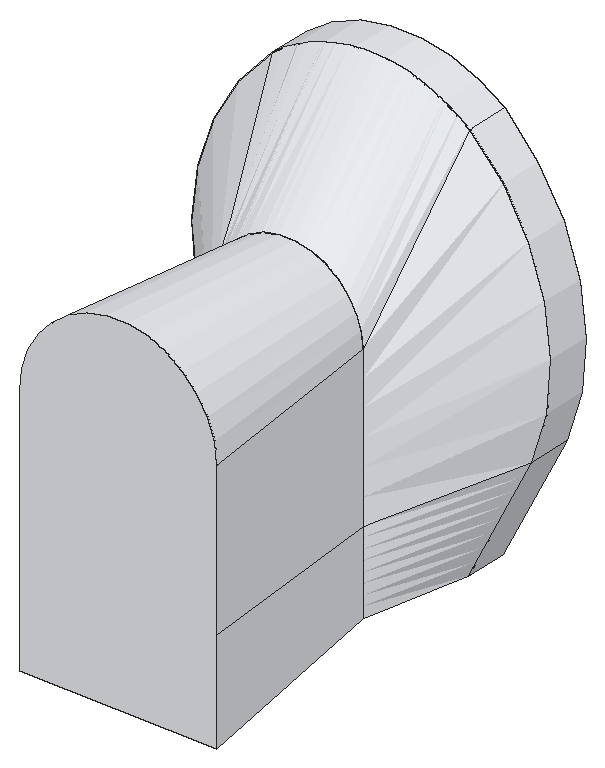
Revit family "Bacia", category Plumbing Fixtures, host Face, Revit 2020
Family settings
  Host = Face
  Round Connector Dimension = Use Radius
  Part Type = Normal
  Cut with Voids When Loaded = No
  Shared = No
  Room Calculation Point = No
Parameters
  WFU = 0
  URL = ""
  Raio Água Fria = 20 mm  # constant formula
  Raio Ponto de Esgoto = 50 mm  # constant formula
  Pressão = "2 a 40 mca"  # constant formula
  Model = ""
  Material Bacia = CT_Louças_Sanitárias
  Manufacturer = ""
  Flow Pressure = 0.00 psi
  Diâmetro Água Fria = Raio Água Fria * 2  # 40 mm
  Diâmetro Ponto de Esgoto = Raio Ponto de Esgoto * 2  # 100 mm
  Description = "Bacia sanitária convencional"
  Default Elevation = 0 mm
  Código = ""
  Consumo = "6 lpf"  # constant formula
  CWFU = 0
  Assembly Code = "D2010110"
  Acompanha o Produto = ""
Reference planes
  plane 1 "Center (Front/Back)": y = 0
  plane 2: z = 0
  plane 3 "Center (Left/Right)": x = 0
  plane 4 "Top 2": y = 380
  plane 5 "Front 3": z = 573.75
  plane 6 "Front 1": z = 100
  plane 7 "Left 1": x = -187.322
  plane 8 "Right 1": x = 187.322
  plane 9 "Front 2": z = 260.003
  plane 10 "Top 1": y = 330
Forms (mm)
  Extrusion 1, solid, material "CT_Louças_Sanitárias" <- "Material Bacia", not visible
    sketch origin (0, 0, 122.514) x (1, 0, 0) y (0, 0, 1)
      loop
        circle (0, 137.486) r 50
    from 0 to -5.298
  Extrusion 2, solid, material "CT_Louças_Sanitárias" <- "Material Bacia", not visible
    sketch origin (0, 0, 0) x (1, 0, 0) y (0, 1, 0)
      loop
        circle (0, 330) r 19.05
    from 0 to -7.354
  Blend 3, solid, material "CT_Louças_Sanitárias" <- "Material Bacia"
    base sketch origin (0, 0, 0) x (1, 0, 0) y (0, 0, 1)
      loop
        line (-102.9, 368.106) -> (-102.9, 206.479) -> (-102.9, 106.479) -> (102.9, 106.479) -> (102.9, 212.233) -> (102.9, 370.942)
        arc (102.9, 370.942) -> (-1.398, 471.016) -> (-102.9, 368.106) r 102.919
    top sketch origin (0, 0, 0) x (1, 0, 0) y (0, 0, 1)
      loop
        line (-78.166, 373.106) -> (-78.166, 208.148) -> (-78.166, 122.542) -> (78.166, 122.542) -> (78.166, 208.148) -> (78.166, 373.106)
        arc (78.166, 373.106) -> (0, 451.272) -> (-78.166, 373.106) r 78.166
    from 0 to -220.356
  Blend 4, solid, material "CT_Louças_Sanitárias" <- "Material Bacia"
    base sketch origin (0, 0, 0) x (1, 0, 0) y (0, 0, 1)
      loop
        line (-78.166, 373.106) -> (-78.166, 208.148) -> (-78.166, 122.542) -> (78.166, 122.542) -> (78.166, 208.148) -> (78.166, 373.106)
        arc (78.166, 373.106) -> (0, 451.272) -> (-78.166, 373.106) r 78.166
    top sketch origin (0, 0, 0) x (1, 0, 0) y (0, 0, 1)
      loop
        arc (167.737, 251.688) -> (181.279, 406.351) -> (102.635, 540.212) r 255.054
        arc (102.635, 540.212) -> (0, 576.532) -> (-102.635, 540.212) r 163.175
        arc (-102.635, 540.212) -> (-181.279, 406.351) -> (-167.737, 251.688) r 255.054
        line (-167.737, 251.688) -> (-101.412, 122.542) -> (101.412, 122.542) -> (167.737, 251.688)
    from -220.356 to -329.579
  Extrusion 5, solid, material "CT_Louças_Sanitárias" <- "Material Bacia"
    sketch origin (0, 0, 0) x (1, 0, 0) y (0, 0, 1)
      loop
        arc (-102.635, 540.212) -> (-181.279, 406.351) -> (-167.737, 251.688) r 255.054
        line (-167.737, 251.688) -> (-101.412, 122.542) -> (101.412, 122.542) -> (167.737, 251.688)
        arc (167.737, 251.688) -> (181.279, 406.351) -> (102.635, 540.212) r 255.054
        arc (102.635, 540.212) -> (0, 576.532) -> (-102.635, 540.212) r 163.175
      loop
        arc (-70.243, 502.095) -> (-137.534, 350.065) -> (-70.025, 198.131) r 205.054
        arc (-70.025, 198.131) -> (0, 173.231) -> (70.025, 198.131) r 110.912
        arc (70.025, 198.131) -> (137.534, 350.065) -> (70.243, 502.095) r 205.054
        arc (70.243, 502.095) -> (0, 526.532) -> (-70.243, 502.095) r 113.175
    from -375 to -329.579
Lines and regions (mm)
  Masking region 1
    outline origin (0, 858.346, -21.126) x (0, 1, 0) y (0, 0, 1)
      loop
        arc (-646.235, 494.127) -> (-676.865, 475.541) -> (-712.546, 472.297) r 79.476
        line (-712.546, 472.297) -> (-853.719, 491.713)
        arc (-853.719, 491.713) -> (-856.668, 491.001) -> (-858.346, 488.473) r 4.154
        line (-858.346, 488.473) -> (-858.346, 128.473)
        arc (-858.346, 128.473) -> (-857.318, 125.991) -> (-854.835, 124.962) r 3.511
        line (-854.835, 124.962) -> (-679.276, 135.502)
        arc (-679.276, 135.502) -> (-658.714, 139.719) -> (-640.163, 149.54) r 74
        arc (-640.163, 149.54) -> (-637.452, 150.916) -> (-634.452, 151.415) r 10.004
        line (-634.452, 151.415) -> (-565.007, 151.415)
        arc (-565.007, 151.415) -> (-564.686, 148.634) -> (-562.211, 147.328) r 3
        line (-562.211, 147.328) -> (-481.196, 147.328)
        arc (-481.196, 147.328) -> (-479.181, 148.163) -> (-478.346, 150.178) r 2.85
        line (-478.346, 150.178) -> (-478.346, 593.057)
        arc (-478.346, 593.057) -> (-479.254, 595.249) -> (-481.445, 596.156) r 3.099
        arc (-481.445, 596.156) -> (-572.237, 558.703) -> (-646.235, 494.127) r 302.364
  Masking region 2
    outline origin (-747.05, -8.528, 0) x (1, 0, 0) y (0, 1, 0)
      loop
        line (647.88, 8.528) -> (747.05, 8.528) -> (846.22, 8.528)
        arc (846.22, 8.528) -> (849.234, 10.17) -> (849.811, 13.554) r 3.933
        line (849.811, 13.554) -> (847.538, 29.616) -> (845.915, 34.925) -> (825.517, 179.067)
        arc (825.517, 179.067) -> (826.577, 196.52) -> (834.386, 212.165) r 43.751
        arc (834.386, 212.165) -> (896.668, 291.728) -> (934.586, 385.383) r 362.734
        arc (934.586, 385.383) -> (933.814, 387.46) -> (931.872, 388.528) r 3.179
        line (931.872, 388.528) -> (747.05, 388.528) -> (562.228, 388.528)
        arc (562.228, 388.528) -> (560.286, 387.46) -> (559.514, 385.383) r 3.179
        arc (559.514, 385.383) -> (597.433, 291.728) -> (659.714, 212.165) r 362.734
        arc (659.714, 212.165) -> (667.524, 196.52) -> (668.583, 179.067) r 43.751
        line (668.583, 179.067) -> (648.185, 34.925) -> (646.562, 29.616) -> (644.289, 13.554)
        arc (644.289, 13.554) -> (644.866, 10.17) -> (647.88, 8.528) r 3.933
  Masking region 3
    outline origin (0, 330, 0) x (-1, 0, 0) y (0, 0, 1)
      loop
        arc (107.126, 133.655) -> (146.468, 206.339) -> (176.858, 283.196) r 691.544
        arc (176.858, 283.196) -> (188.038, 353.196) -> (176.858, 423.196) r 224.734
        arc (176.858, 423.196) -> (142.268, 490.784) -> (88.572, 544.462) r 243.914
        arc (88.572, 544.462) -> (2.006, 573.263) -> (-85.302, 546.795) r 150.581
        arc (-85.302, 546.795) -> (-141.074, 492.401) -> (-176.851, 423.196) r 243.914
        arc (-176.851, 423.196) -> (-188.031, 353.196) -> (-176.851, 283.196) r 224.734
        arc (-176.851, 283.196) -> (-146.461, 206.339) -> (-107.119, 133.655) r 691.544
        arc (-107.119, 133.655) -> (-96.974, 125.83) -> (-84.578, 122.59) r 32.133
        line (-84.578, 122.59) -> (-74.586, 122.59)
        arc (-74.586, 122.59) -> (-62.545, 110.932) -> (-47.022, 104.614) r 44.069
        arc (-47.022, 104.614) -> (0.003, 100.008) -> (47.029, 104.613) r 242.379
        arc (47.029, 104.613) -> (62.552, 110.932) -> (74.594, 122.59) r 44.069
        line (74.594, 122.59) -> (81.058, 122.59)
        arc (81.058, 122.59) -> (95.377, 125.096) -> (107.126, 133.655) r 32.133
  symbolic lines
    curve 1: arc (-24.727, 0, 103.174) -> (-35.584, 0, 109.273) -> (-39.889, 0, 120.957) r 18.01
    curve 2: arc (24.991, 0, 103.174) -> (0.132, 0, 101.197) -> (-24.727, 0, 103.174) r 157.242
    curve 3: arc (40.154, 0, 120.957) -> (35.849, 0, 109.273) -> (24.991, 0, 103.174) r 18.01
    curve 4: line (-74.458, 0, 122.542) -> (74.54, 0, 122.542)
    curve 5: line (-39.889, 0, 120.957) -> (-39.889, 0, 122.542)
    curve 6: line (40.154, 0, 120.957) -> (40.154, 0, 122.542)
    curve 7: arc (0, 367, 126.078) -> (0, 364.879, 126.957) -> (0, 364, 129.078) r 3
    curve 8: line (0, 364, 220.731) -> (0, 364, 129.078)
    curve 9: line (0, 294.127, 196.205) -> (0, 294.127, 145.111)
    curve 10: line (0, 294.127, 145.111) -> (0, 234.854, 145.111)
    curve 11: arc (0, 248.635, 188.119) -> (0, 245.106, 165.538) -> (0, 234.854, 145.111) r 74
    curve 12: arc (0, 225.89, 241.495) -> (0, 242.712, 217.129) -> (0, 248.635, 188.119) r 74
    curve 13: line (0, 267.161, 221.081) -> (0, 294.127, 196.205)
    curve 14: arc (0, 234.372, 231.794) -> (0, 195.251, 269.713) -> (0, 153.45, 304.656) r 741.271
    curve 15: arc (0, 153.45, 304.656) -> (0, 152.939, 307.258) -> (0, 155.448, 308.117) r 2.016
    curve 16: arc (0, 155.448, 308.117) -> (0, 213.117, 266.925) -> (0, 267.161, 221.081) r 851.615
    curve 17: arc (0, 155.448, 308.117) -> (0, 145.743, 312.555) -> (0, 135.161, 313.934) r 35.78
    curve 18: arc (0, 135.161, 313.934) -> (0, 104.536, 314.293) -> (0, 74.206, 310.036) r 202.747
    curve 19: line (0, 74.206, 310.036) -> (0, 29.316, 306.896)
    curve 20: line (0, 29.316, 306.896) -> (0, 29.316, 205.995)
    curve 21: arc (0, 29.316, 205.995) -> (0, 34.972, 182.434) -> (0, 50.709, 164.008) r 51.899
    curve 22: arc (0, 50.709, 164.008) -> (0, 71.476, 152.018) -> (0, 94.282, 144.608) r 114.704
    curve 23: arc (0, 94.282, 144.608) -> (0, 67.619, 151.774) -> (0, 44.453, 166.794) r 88.677
    curve 24: arc (0, 44.453, 166.794) -> (0, 30.469, 186.01) -> (0, 25.545, 209.26) r 56.947
    curve 25: line (0, 25.545, 209.26) -> (0, 25.545, 331.649)
    curve 26: line (0, 173.526, 192.687) -> (0, 99.932, 254.275)
    curve 27: arc (0, 99.932, 254.275) -> (0, 77.982, 279.119) -> (0, 64.374, 309.348) r 110.677
    curve 28: arc (0, 98.089, 230.708) -> (0, 66.54, 265.51) -> (0, 46.762, 308.116) r 156.231
    curve 29: line (0, 98.089, 230.708) -> (0, 145.351, 192.495)
    curve 30: arc (0, 145.351, 192.495) -> (0, 157.169, 185.948) -> (0, 170.512, 183.825) r 39.009
    curve 31: arc (0, 170.512, 183.825) -> (0, 175.056, 187.224) -> (0, 173.526, 192.687) r 5.018
    curve 32: line (0, 25.545, 209.26) -> (0, 25.545, 139.26)
    curve 33: arc (0, 25.545, 139.26) -> (0, 35.002, 116.43) -> (0, 57.832, 106.973) r 32.286
    curve 34: arc (-45.953, 170.56, 0) -> (0.012, 164.446, 0) -> (45.976, 170.56, 0) r 175.828
Dimensions and locks
  plane 4 "Top 2" to plane 1 "Center (Front/Back)" = 380 mm
  plane 5 "Front 3" to plane 2 = 573.75 mm
  plane 1 "Center (Front/Back)" to plane 4 "Top 2" = 380 mm
  plane 5 "Front 3" to plane 6 "Front 1" to host face = 473.75 mm, 100 mm  (x2)
  plane 5 "Front 3" to host face = 573.75 mm
  plane 7 "Left 1" to plane 8 "Right 1" = 374.644 mm  (x2)
  aligned and locked: host face to plane 2
  aligned and locked: level to host face
Connectors
  piping at (0, 0, 260), diameter 100, driven by "Raio Ponto de Esgoto", driven by "WFU"
    settings: on Extrusion 1, index 1, connector inside diameter 3.93701", connector length 0 mm, flow factor 0, pipe flow 0 GPM, pressure drop 0.00 psi, fitting loss kfactor 0, connector angle 0.00°, fixture units 0, engagement length 0 mm, angle of deflection 0.00°, flow configuration 3, flow direction 2, fitting loss method 0, system type 16, joint type 0, gender type 0, connector reference index -1, connector utility 0, adjustable connector no, is connector primary yes, connector description ""
  piping at (0, 330, 0), diameter 40, driven by "Raio Água Fria", driven by "Flow Pressure", driven by "CWFU"
    settings: on Extrusion 2, index 2, connector inside diameter 1.5748", connector length 0 mm, flow factor 0, pipe flow 0 GPM, pressure drop 0.00 psi, fitting loss kfactor 0, connector angle 0.00°, fixture units 0, engagement length 0 mm, angle of deflection 0.00°, flow configuration 3, flow direction 1, fitting loss method 4, system type 20, joint type 0, gender type 0, connector reference index -1, connector utility 0, adjustable connector no, is connector primary no, connector description ""
